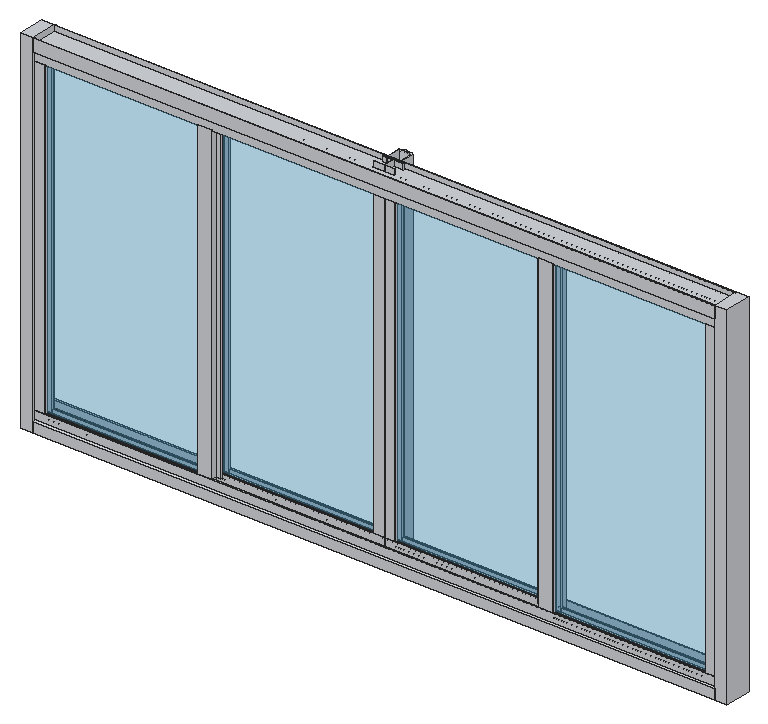
Revit family "MT-VMS_DB-SG_OXXO", category Windows, host Wall, Revit 2017 (continued)
Definition of nested family "VMS_DB-SG_OXXO_76mm"
  Definition of nested family "VMS_DB-SG_GLAZED PANEL"
    Definition of nested family "VM62_DOUBLE GLAZE RAIL"
      Lines and regions (mm)
        detail lines, in view "Ref. Level"
          curve 87: line (5.325, -10.775, 0) -> (5.353, -10.153, 0)
          curve 88: line (5.525, -9.46, 0) -> (5.811, -8.965, 0)
          curve 89: line (5.811, -8.965, 0) -> (5.316, -8.679, 0)
          curve 90: line (4.771, -8.134, 0) -> (4.485, -7.639, 0)
          curve 91: line (4.485, -7.639, 0) -> (3.99, -7.925, 0)
          curve 92: line (3.297, -8.097, 0) -> (2.675, -8.125, 0)
          curve 93: line (2.675, -8.125, 0) -> (2.647, -8.747, 0)
          curve 94: line (1.678, -9.711, 0) -> (0.088, -8.121, 0)
          curve 95: line (0, -7.909, 0) -> (0, 7.909, 0)
          curve 96: line (0.088, 8.121, 0) -> (1.678, 9.711, 0)
          curve 97: line (2.647, 8.747, 0) -> (2.675, 8.125, 0)
          curve 98: line (2.675, 8.125, 0) -> (3.297, 8.097, 0)
          curve 99: line (3.99, 7.925, 0) -> (4.485, 7.639, 0)
          curve 100: line (4.485, 7.639, 0) -> (4.771, 8.134, 0)
          curve 101: line (5.316, 8.679, 0) -> (5.811, 8.965, 0)
          curve 102: line (5.811, 8.965, 0) -> (5.525, 9.46, 0)
          curve 103: line (5.353, 10.153, 0) -> (5.325, 10.775, 0)
          curve 104: line (5.325, 10.775, 0) -> (4.703, 10.803, 0)
          curve 105: line (3.739, 11.772, 0) -> (5.329, 13.362, 0)
          curve 106: line (5.541, 13.45, 0) -> (13.831, 13.45, 0)
    Definition of nested family "VMS_V3_SGL_FINE"
      Reference planes
        plane 1 "Center (Front/Back)": y = 0
        plane 2: z = 0
        plane 3 "Center (Left/Right)": x = 0
      Lines and regions (mm)
        model lines, in view "Ref. Level"
          curve 1: arc (27.114, -24.15, 0) -> (27.68, -23.916, 0) -> (27.914, -23.35, 0) r 0.8
          curve 2: arc (27.914, -20.411, 0) -> (27.839, -20.177, 0) -> (27.641, -20.031, 0) r 0.4
          curve 3: arc (26.677, -19.71, 0) -> (26.497, -19.738, 0) -> (26.414, -19.9, 0) r 0.2
          curve 4: arc (25.177, -19.71, 0) -> (24.997, -19.738, 0) -> (24.914, -19.9, 0) r 0.2
          curve 5: arc (23.677, -19.71, 0) -> (23.497, -19.738, 0) -> (23.414, -19.9, 0) r 0.2
          curve 6: arc (22.177, -19.71, 0) -> (21.997, -19.738, 0) -> (21.914, -19.9, 0) r 0.2
          curve 7: arc (21.914, -20.538, 0) -> (21.971, -20.713, 0) -> (22.119, -20.822, 0) r 0.3
          curve 8: arc (23.009, -21.119, 0) -> (23.157, -21.228, 0) -> (23.214, -21.404, 0) r 0.3
          curve 9: arc (23.214, -22.15, 0) -> (23.126, -22.362, 0) -> (22.914, -22.45, 0) r 0.3
          curve 10: arc (14.214, -22.45, 0) -> (14.002, -22.362, 0) -> (13.914, -22.15, 0) r 0.3
          curve 11: arc (13.914, -14.116, 0) -> (13.884, -13.963, 0) -> (13.797, -13.833, 0) r 0.4
          curve 12: arc (13.797, -13.067, 0) -> (13.884, -12.937, 0) -> (13.914, -12.784, 0) r 0.4
          curve 13: arc (13.914, -2.069, 0) -> (14.079, -1.801, 0) -> (14.392, -1.827, 0) r 0.3
          curve 14: arc (14.392, -1.827, 0) -> (20.069, -3.194, 0) -> (25.644, -1.459, 0) r 10.984
          curve 15: arc (25.644, -1.459, 0) -> (26.154, -1.441, 0) -> (26.414, -1.879, 0) r 0.5
          curve 16: arc (26.414, -5.1, 0) -> (26.326, -5.312, 0) -> (26.114, -5.4, 0) r 0.3
          curve 17: arc (22.119, -6.078, 0) -> (21.971, -6.187, 0) -> (21.914, -6.362, 0) r 0.3
          curve 18: arc (21.914, -7, 0) -> (21.997, -7.162, 0) -> (22.177, -7.19, 0) r 0.2
          curve 19: arc (23.414, -7, 0) -> (23.497, -7.162, 0) -> (23.677, -7.19, 0) r 0.2
          curve 20: arc (24.914, -7, 0) -> (24.997, -7.162, 0) -> (25.177, -7.19, 0) r 0.2
          curve 21: arc (26.414, -7, 0) -> (26.497, -7.162, 0) -> (26.677, -7.19, 0) r 0.2
          curve 22: arc (27.641, -6.869, 0) -> (27.839, -6.723, 0) -> (27.914, -6.489, 0) r 0.4
          curve 23: arc (27.914, -0.8, 0) -> (27.68, -0.234, 0) -> (27.114, 0, 0) r 0.8
          curve 24: arc (25.737, 0, 0) -> (25.642, -0.015, 0) -> (25.558, -0.06, 0) r 0.3
          curve 25: arc (25.558, -0.06, 0) -> (19.709, -2, 0) -> (13.86, -0.06, 0) r 9.784
          curve 26: arc (13.86, -0.06, 0) -> (13.776, -0.015, 0) -> (13.681, 0, 0) r 0.3
          curve 27: arc (0.5, 0, 0) -> (0.146, -0.146, 0) -> (0, -0.5, 0) r 0.5
          curve 28: arc (0, -3, 0) -> (0.088, -3.212, 0) -> (0.3, -3.3, 0) r 0.3
          curve 29: arc (0.9, -3.3, 0) -> (1.112, -3.212, 0) -> (1.2, -3, 0) r 0.3
          curve 30: arc (1.2, -1.5, 0) -> (1.288, -1.288, 0) -> (1.5, -1.2, 0) r 0.3
          curve 31: arc (4.7, -1.2, 0) -> (4.912, -1.288, 0) -> (5, -1.5, 0) r 0.3
          curve 32: arc (5, -10.176, 0) -> (4.912, -10.388, 0) -> (4.7, -10.476, 0) r 0.3
          curve 33: arc (3.6, -10.476, 0) -> (3.388, -10.388, 0) -> (3.3, -10.176, 0) r 0.3
          curve 34: arc (3.3, -9.692, 0) -> (3.212, -9.48, 0) -> (3, -9.392, 0) r 0.3
          curve 35: arc (1.5, -9.392, 0) -> (1.288, -9.304, 0) -> (1.2, -9.092, 0) r 0.3
          curve 36: arc (1.2, -7.692, 0) -> (1.112, -7.48, 0) -> (0.9, -7.392, 0) r 0.3
          curve 37: arc (0.3, -7.392, 0) -> (0.088, -7.48, 0) -> (0, -7.692, 0) r 0.3
          curve 38: arc (0, -11.552, 0) -> (0.4, -11.952, 0) -> (0.8, -11.552, 0) r 0.4
          curve 39: arc (2.1, -11.652, 0) -> (2.188, -11.864, 0) -> (2.4, -11.952, 0) r 0.3
          curve 40: arc (2.4, -14.952, 0) -> (2.188, -15.04, 0) -> (2.1, -15.252, 0) r 0.3
          curve 41: arc (0.8, -15.352, 0) -> (0.4, -14.952, 0) -> (0, -15.352, 0) r 0.4
          curve 42: arc (0, -19.208, 0) -> (0.088, -19.42, 0) -> (0.3, -19.508, 0) r 0.3
          curve 43: arc (0.9, -19.508, 0) -> (1.112, -19.42, 0) -> (1.2, -19.208, 0) r 0.3
          curve 44: arc (1.2, -17.808, 0) -> (1.288, -17.596, 0) -> (1.5, -17.508, 0) r 0.3
          curve 45: arc (3, -17.508, 0) -> (3.212, -17.42, 0) -> (3.3, -17.208, 0) r 0.3
          curve 46: arc (3.3, -16.724, 0) -> (3.388, -16.512, 0) -> (3.6, -16.424, 0) r 0.3
          curve 47: arc (4.7, -16.424, 0) -> (4.912, -16.512, 0) -> (5, -16.724, 0) r 0.3
          curve 48: arc (5, -23.3, 0) -> (4.912, -23.512, 0) -> (4.7, -23.6, 0) r 0.3
          curve 49: arc (0.3, -23.6, 0) -> (0.088, -23.688, 0) -> (0, -23.9, 0) r 0.3
          curve 50: arc (0, -26.4, 0) -> (0.146, -26.754, 0) -> (0.5, -26.9, 0) r 0.5
          curve 51: arc (2.102, -26.9, 0) -> (2.385, -26.783, 0) -> (2.502, -26.5, 0) r 0.4
          curve 52: arc (2.502, -26.5, 0) -> (2.385, -26.217, 0) -> (2.102, -26.1, 0) r 0.4
          curve 53: arc (5.902, -26.1, 0) -> (5.619, -26.217, 0) -> (5.502, -26.5, 0) r 0.4
          curve 54: arc (5.502, -26.5, 0) -> (5.619, -26.783, 0) -> (5.902, -26.9, 0) r 0.4
          curve 55: arc (21, -26.9, 0) -> (21.4, -26.52, 0) -> (21.039, -26.102, 0) r 0.4
          curve 56: arc (14.365, -25.441, 0) -> (14.043, -25.279, 0) -> (13.914, -24.944, 0) r 0.5
          curve 57: arc (13.914, -24.65, 0) -> (14.207, -23.943, 0) -> (14.914, -23.65, 0) r 1
          curve 58: arc (8.4, -25.7, 0) -> (8.259, -25.641, 0) -> (8.2, -25.5, 0) r 0.2
          curve 59: arc (8.2, -23.8, 0) -> (8.141, -23.659, 0) -> (8, -23.6, 0) r 0.2
          curve 60: arc (6.5, -23.6, 0) -> (6.288, -23.512, 0) -> (6.2, -23.3, 0) r 0.3
          curve 61: arc (6.2, -16.639, 0) -> (6.261, -16.458, 0) -> (6.419, -16.35, 0) r 0.3
          curve 62: arc (6.419, -16.35, 0) -> (6.899, -16.169, 0) -> (7.342, -15.909, 0) r 3.014
          curve 63: arc (7.342, -15.909, 0) -> (7.404, -15.838, 0) -> (7.426, -15.746, 0) r 0.2
          curve 64: arc (7.426, -14.908, 0) -> (7.145, -14.479, 0) -> (6.64, -14.566, 0) r 0.468
          curve 65: arc (6.64, -14.566, 0) -> (6.369, -14.767, 0) -> (6.06, -14.904, 0) r 1.525
          curve 66: arc (5.14, -14.904, 0) -> (4.813, -14.756, 0) -> (4.529, -14.535, 0) r 1.525
          curve 67: arc (4.124, -13.835, 0) -> (4.075, -13.45, 0) -> (4.124, -13.065, 0) r 1.525
          curve 68: arc (4.529, -12.365, 0) -> (4.813, -12.144, 0) -> (5.14, -11.996, 0) r 1.525
          curve 69: arc (6.06, -11.996, 0) -> (6.369, -12.133, 0) -> (6.64, -12.334, 0) r 1.525
          curve 70: arc (6.64, -12.334, 0) -> (7.145, -12.421, 0) -> (7.426, -11.992, 0) r 0.468
          curve 71: arc (7.426, -11.154, 0) -> (7.404, -11.062, 0) -> (7.342, -10.991, 0) r 0.2
          curve 72: arc (7.342, -10.991, 0) -> (6.899, -10.731, 0) -> (6.419, -10.55, 0) r 3.014
          curve 73: arc (6.419, -10.55, 0) -> (6.261, -10.442, 0) -> (6.2, -10.261, 0) r 0.3
          curve 74: arc (6.2, -1.5, 0) -> (6.288, -1.288, 0) -> (6.5, -1.2, 0) r 0.3
          curve 75: arc (12.312, -1.2, 0) -> (12.453, -1.259, 0) -> (12.512, -1.4, 0) r 0.2
          curve 76: arc (12.512, -25.5, 0) -> (12.453, -25.641, 0) -> (12.312, -25.7, 0) r 0.2
          curve 77: line (14.914, -23.65, 0) -> (23.214, -23.65, 0)
          curve 78: line (23.214, -23.65, 0) -> (25.029, -24.136, 0)
          curve 79: line (25.029, -24.136, 0) -> (27.114, -24.15, 0)
          curve 80: line (27.914, -23.35, 0) -> (27.914, -20.411, 0)
          curve 81: line (27.641, -20.031, 0) -> (26.677, -19.71, 0)
          curve 82: line (26.414, -19.9, 0) -> (26.414, -20.123, 0)
          curve 83: line (26.414, -20.123, 0) -> (25.177, -19.71, 0)
          curve 84: line (24.914, -19.9, 0) -> (24.914, -20.123, 0)
          curve 85: line (24.914, -20.123, 0) -> (23.677, -19.71, 0)
          curve 86: line (23.414, -19.9, 0) -> (23.414, -20.123, 0)
          curve 87: line (23.414, -20.123, 0) -> (22.177, -19.71, 0)
          curve 88: line (21.914, -19.9, 0) -> (21.914, -20.538, 0)
          curve 89: line (22.119, -20.822, 0) -> (23.009, -21.119, 0)
          curve 90: line (23.214, -21.404, 0) -> (23.214, -22.15, 0)
          curve 91: line (22.914, -22.45, 0) -> (14.214, -22.45, 0)
          curve 92: line (13.914, -22.15, 0) -> (13.914, -14.116, 0)
          curve 93: line (13.797, -13.833, 0) -> (13.414, -13.45, 0)
          curve 94: line (13.414, -13.45, 0) -> (13.797, -13.067, 0)
          curve 95: line (13.914, -12.784, 0) -> (13.914, -2.069, 0)
          curve 96: line (26.414, -1.879, 0) -> (26.414, -5.1, 0)
          curve 97: line (26.114, -5.4, 0) -> (24.2, -5.4, 0)
          curve 98: line (24.2, -5.4, 0) -> (22.119, -6.078, 0)
          curve 99: line (21.914, -6.362, 0) -> (21.914, -7, 0)
          curve 100: line (22.177, -7.19, 0) -> (23.414, -6.777, 0)
          curve 101: line (23.414, -6.777, 0) -> (23.414, -7, 0)
          curve 102: line (23.677, -7.19, 0) -> (24.914, -6.777, 0)
          curve 103: line (24.914, -6.777, 0) -> (24.914, -7, 0)
          curve 104: line (25.177, -7.19, 0) -> (26.414, -6.777, 0)
          curve 105: line (26.414, -6.777, 0) -> (26.414, -7, 0)
          curve 106: line (26.677, -7.19, 0) -> (27.641, -6.869, 0)
          curve 107: line (27.914, -6.489, 0) -> (27.914, -0.8, 0)
          curve 108: line (27.114, 0, 0) -> (25.737, 0, 0)
          curve 109: line (13.681, 0, 0) -> (0.5, 0, 0)
          curve 110: line (0, -0.5, 0) -> (0, -3, 0)
          curve 111: line (0.3, -3.3, 0) -> (0.9, -3.3, 0)
          curve 112: line (1.2, -3, 0) -> (1.2, -1.5, 0)
          curve 113: line (1.5, -1.2, 0) -> (4.7, -1.2, 0)
          curve 114: line (5, -1.5, 0) -> (5, -10.176, 0)
          curve 115: line (4.7, -10.476, 0) -> (3.6, -10.476, 0)
          curve 116: line (3.3, -10.176, 0) -> (3.3, -9.692, 0)
          curve 117: line (3, -9.392, 0) -> (1.5, -9.392, 0)
          curve 118: line (1.2, -9.092, 0) -> (1.2, -7.692, 0)
          curve 119: line (0.9, -7.392, 0) -> (0.3, -7.392, 0)
          curve 120: line (0, -7.692, 0) -> (0, -11.552, 0)
          curve 121: line (0.8, -11.552, 0) -> (0.8, -10.452, 0)
          curve 122: line (0.8, -10.452, 0) -> (2.1, -10.452, 0)
          curve 123: line (2.1, -10.452, 0) -> (2.1, -11.652, 0)
          curve 124: line (2.4, -11.952, 0) -> (2.776, -11.952, 0)
          curve 125: line (2.776, -11.952, 0) -> (2.776, -14.952, 0)
          curve 126: line (2.776, -14.952, 0) -> (2.4, -14.952, 0)
          curve 127: line (2.1, -15.252, 0) -> (2.1, -16.452, 0)
          curve 128: line (2.1, -16.452, 0) -> (0.8, -16.452, 0)
          curve 129: line (0.8, -16.452, 0) -> (0.8, -15.352, 0)
          curve 130: line (0, -15.352, 0) -> (0, -19.208, 0)
          curve 131: line (0.3, -19.508, 0) -> (0.9, -19.508, 0)
          curve 132: line (1.2, -19.208, 0) -> (1.2, -17.808, 0)
          curve 133: line (1.5, -17.508, 0) -> (3, -17.508, 0)
          curve 134: line (3.3, -17.208, 0) -> (3.3, -16.724, 0)
          curve 135: line (3.6, -16.424, 0) -> (4.7, -16.424, 0)
          curve 136: line (5, -16.724, 0) -> (5, -23.3, 0)
          curve 137: line (4.7, -23.6, 0) -> (0.3, -23.6, 0)
          curve 138: line (0, -23.9, 0) -> (0, -26.4, 0)
          curve 139: line (0.5, -26.9, 0) -> (2.102, -26.9, 0)
          curve 140: line (2.102, -26.1, 0) -> (1.002, -26.1, 0)
          curve 141: line (1.002, -26.1, 0) -> (1.002, -24.8, 0)
          curve 142: line (1.002, -24.8, 0) -> (7.002, -24.8, 0)
          curve 143: line (7.002, -24.8, 0) -> (7.002, -26.1, 0)
          curve 144: line (7.002, -26.1, 0) -> (5.902, -26.1, 0)
          curve 145: line (5.902, -26.9, 0) -> (21, -26.9, 0)
          curve 146: line (21.039, -26.102, 0) -> (14.365, -25.441, 0)
          curve 147: line (13.914, -24.944, 0) -> (13.914, -24.65, 0)
          curve 148: line (8.2, -25.5, 0) -> (8.2, -23.8, 0)
          curve 149: line (8, -23.6, 0) -> (6.5, -23.6, 0)
          curve 150: line (6.2, -23.3, 0) -> (6.2, -16.639, 0)
          curve 151: line (7.426, -15.746, 0) -> (7.426, -14.908, 0)
          curve 152: line (6.06, -14.904, 0) -> (5.6, -15.324, 0)
          curve 153: line (5.6, -15.324, 0) -> (5.14, -14.904, 0)
          curve 154: line (4.529, -14.535, 0) -> (3.976, -14.387, 0)
          curve 155: line (3.976, -14.387, 0) -> (4.124, -13.835, 0)
          curve 156: line (4.124, -13.065, 0) -> (3.976, -12.513, 0)
          curve 157: line (3.976, -12.513, 0) -> (4.529, -12.365, 0)
          curve 158: line (5.14, -11.996, 0) -> (5.6, -11.576, 0)
          curve 159: line (5.6, -11.576, 0) -> (6.06, -11.996, 0)
          curve 160: line (7.426, -11.992, 0) -> (7.426, -11.154, 0)
          curve 161: line (6.2, -10.261, 0) -> (6.2, -1.5, 0)
          curve 162: line (6.5, -1.2, 0) -> (12.312, -1.2, 0)
          curve 163: line (12.512, -1.4, 0) -> (12.512, -25.5, 0)
          curve 164: line (12.312, -25.7, 0) -> (8.4, -25.7, 0)
    Definition of nested family "VMS_V3_SGL_MEDIUM"
      Reference planes
        plane 1 "Center (Front/Back)": y = 0
        plane 2: z = 0
        plane 3 "Center (Left/Right)": x = 0
      Lines and regions (mm)
        model lines, in view "Ref. Level"
          curve 1: line (13.914, -23.65, 0) -> (27.914, -23.65, 0)
          curve 2: line (27.914, -23.65, 0) -> (27.914, -22.45, 0)
          curve 3: line (27.914, -22.45, 0) -> (13.914, -22.45, 0)
          curve 4: line (13.914, -22.45, 0) -> (13.914, -1.2, 0)
          curve 5: line (26.414, -1.2, 0) -> (26.414, -5.1, 0)
          curve 6: line (27.914, -6.489, 0) -> (27.914, 0, 0)
          curve 7: line (27.914, 0, 0) -> (0, 0, 0)
          curve 8: line (1.002, -1.2, 0) -> (4.73, -1.2, 0)
          curve 9: line (0, 0, 0) -> (0, -26.9, 0)
          curve 10: line (1.002, -25.7, 0) -> (1.002, -1.2, 0)
          curve 11: line (0, -26.9, 0) -> (21.039, -26.9, 0)
          curve 12: line (21.039, -26.102, 0) -> (13.914, -25.397, 0)
          curve 13: line (13.914, -25.397, 0) -> (13.914, -23.65, 0)
          curve 14: line (13.914, -1.2, 0) -> (26.414, -1.2, 0)
          curve 15: line (12.512, -1.2, 0) -> (12.512, -25.7, 0)
          curve 16: line (12.512, -25.7, 0) -> (6.132, -25.7, 0)
          curve 23: line (6.132, -1.2, 0) -> (12.512, -1.2, 0)
          curve 24: line (4.73, -25.7, 0) -> (1.002, -25.7, 0)
        detail lines, in view "Ref. Level"
          curve 17: line (21.039, -26.102, 0) -> (21.039, -26.9, 0)
          curve 18: line (27.914, -6.489, 0) -> (21.583, -6.489, 0)
          curve 19: line (26.414, -5.1, 0) -> (21.583, -5.1, 0)
          curve 20: line (21.583, -6.489, 0) -> (21.583, -5.1, 0)
          curve 21: line (6.132, -25.7, 0) -> (6.132, -1.2, 0)
          curve 22: line (4.73, -1.2, 0) -> (4.73, -25.7, 0)
    Definition of nested family "VMS_VM64_SILL DETAIL_FINE"
      Reference planes
        plane 1 "Center (Front/Back)": y = 0
        plane 2: z = 0
        plane 3 "Center (Left/Right)": x = 0
      Lines and regions (mm)
        model lines, in view "Ref. Level"
          curve 1: arc (4.124, -13.835, 0) -> (4.075, -13.45, 0) -> (4.124, -13.065, 0) r 1.525
          curve 2: arc (4.529, -12.365, 0) -> (4.813, -12.144, 0) -> (5.14, -11.996, 0) r 1.525
          curve 3: arc (6.06, -11.996, 0) -> (6.369, -12.133, 0) -> (6.64, -12.334, 0) r 1.525
          curve 4: arc (6.64, -12.334, 0) -> (7.145, -12.421, 0) -> (7.426, -11.992, 0) r 0.468
          curve 5: arc (7.426, -11.154, 0) -> (7.404, -11.062, 0) -> (7.342, -10.991, 0) r 0.2
          curve 6: arc (7.342, -10.991, 0) -> (6.899, -10.731, 0) -> (6.419, -10.55, 0) r 3.014
          curve 7: arc (6.419, -10.55, 0) -> (6.261, -10.442, 0) -> (6.2, -10.261, 0) r 0.3
          curve 8: arc (6.2, -1.5, 0) -> (6.288, -1.288, 0) -> (6.5, -1.2, 0) r 0.3
          curve 9: arc (12.312, -1.2, 0) -> (12.453, -1.259, 0) -> (12.512, -1.4, 0) r 0.2
          curve 10: arc (12.512, -25.5, 0) -> (12.453, -25.641, 0) -> (12.312, -25.7, 0) r 0.2
          curve 11: arc (8.4, -25.7, 0) -> (8.259, -25.641, 0) -> (8.2, -25.5, 0) r 0.2
          curve 12: arc (8.2, -23.8, 0) -> (8.141, -23.659, 0) -> (8, -23.6, 0) r 0.2
          curve 13: arc (6.5, -23.6, 0) -> (6.288, -23.512, 0) -> (6.2, -23.3, 0) r 0.3
          curve 14: arc (6.2, -16.639, 0) -> (6.261, -16.458, 0) -> (6.419, -16.35, 0) r 0.3
          curve 15: arc (6.419, -16.35, 0) -> (6.899, -16.169, 0) -> (7.342, -15.909, 0) r 3.014
          curve 16: arc (7.342, -15.909, 0) -> (7.404, -15.838, 0) -> (7.426, -15.746, 0) r 0.2
          curve 17: arc (7.426, -14.908, 0) -> (7.145, -14.479, 0) -> (6.64, -14.566, 0) r 0.468
          curve 18: arc (6.64, -14.566, 0) -> (6.369, -14.767, 0) -> (6.06, -14.904, 0) r 1.525
          curve 19: arc (5.14, -14.904, 0) -> (4.813, -14.756, 0) -> (4.529, -14.535, 0) r 1.525
          curve 20: arc (2.1, -11.652, 0) -> (2.188, -11.864, 0) -> (2.4, -11.952, 0) r 0.3
          curve 21: arc (2.4, -14.952, 0) -> (2.188, -15.04, 0) -> (2.1, -15.252, 0) r 0.3
          curve 22: arc (0.8, -15.352, 0) -> (0.4, -14.952, 0) -> (0, -15.352, 0) r 0.4
          curve 23: arc (0, -19.208, 0) -> (0.088, -19.42, 0) -> (0.3, -19.508, 0) r 0.3
          curve 24: arc (0.9, -19.508, 0) -> (1.112, -19.42, 0) -> (1.2, -19.208, 0) r 0.3
          curve 25: arc (1.2, -17.808, 0) -> (1.288, -17.596, 0) -> (1.5, -17.508, 0) r 0.3
          curve 26: arc (3, -17.508, 0) -> (3.212, -17.42, 0) -> (3.3, -17.208, 0) r 0.3
          curve 27: arc (3.3, -16.724, 0) -> (3.388, -16.512, 0) -> (3.6, -16.424, 0) r 0.3
          curve 28: arc (4.7, -16.424, 0) -> (4.912, -16.512, 0) -> (5, -16.724, 0) r 0.3
          curve 29: arc (5, -23.3, 0) -> (4.912, -23.512, 0) -> (4.7, -23.6, 0) r 0.3
          curve 30: arc (0.3, -23.6, 0) -> (0.088, -23.688, 0) -> (0, -23.9, 0) r 0.3
          curve 31: arc (0, -26.4, 0) -> (0.146, -26.753, 0) -> (0.5, -26.9, 0) r 0.5
          curve 32: arc (2.102, -26.9, 0) -> (2.502, -26.5, 0) -> (2.102, -26.1, 0) r 0.4
          curve 33: arc (5.902, -26.1, 0) -> (5.502, -26.5, 0) -> (5.902, -26.9, 0) r 0.4
          curve 34: arc (19.253, -26.9, 0) -> (19.6, -26.57, 0) -> (19.287, -26.207, 0) r 0.347
          curve 35: arc (16.352, -25.917, 0) -> (16.099, -25.719, 0) -> (16.17, -25.406, 0) r 0.3
          curve 36: arc (16.838, -24.738, 0) -> (16.935, -24.673, 0) -> (17.05, -24.65, 0) r 0.3
          curve 37: arc (27.288, -24.95, 0) -> (27.906, -24.424, 0) -> (27.486, -23.73, 0) r 0.626
          curve 38: arc (26.677, -23.46, 0) -> (26.497, -23.488, 0) -> (26.414, -23.65, 0) r 0.2
          curve 39: arc (25.177, -23.46, 0) -> (24.997, -23.488, 0) -> (24.914, -23.65, 0) r 0.2
          curve 40: arc (23.677, -23.46, 0) -> (23.497, -23.488, 0) -> (23.414, -23.65, 0) r 0.2
          curve 41: arc (16.553, -23.45, 0) -> (16.438, -23.473, 0) -> (16.341, -23.538, 0) r 0.3
          curve 42: arc (14.426, -25.452, 0) -> (14.099, -25.517, 0) -> (13.914, -25.24, 0) r 0.3
          curve 43: arc (13.914, -14.116, 0) -> (13.884, -13.963, 0) -> (13.797, -13.833, 0) r 0.4
          curve 44: arc (13.797, -13.067, 0) -> (13.884, -12.937, 0) -> (13.914, -12.784, 0) r 0.4
          curve 45: arc (13.914, -2.069, 0) -> (14.079, -1.801, 0) -> (14.392, -1.827, 0) r 0.3
          curve 46: arc (14.392, -1.827, 0) -> (18.05, -3.074, 0) -> (21.914, -2.976, 0) r 10.984
          curve 47: arc (21.914, -3.233, 0) -> (22.026, -3.412, 0) -> (22.236, -3.391, 0) r 0.2
          curve 48: arc (23.092, -2.731, 0) -> (23.302, -2.71, 0) -> (23.414, -2.889, 0) r 0.2
          curve 49: arc (23.414, -3.233, 0) -> (23.526, -3.412, 0) -> (23.736, -3.391, 0) r 0.2
          curve 50: arc (24.592, -2.731, 0) -> (24.802, -2.71, 0) -> (24.914, -2.889, 0) r 0.2
          curve 51: arc (24.914, -3.233, 0) -> (25.026, -3.412, 0) -> (25.236, -3.391, 0) r 0.2
          curve 52: arc (26.092, -2.731, 0) -> (26.302, -2.71, 0) -> (26.414, -2.889, 0) r 0.2
          curve 53: arc (26.414, -3.233, 0) -> (26.496, -3.394, 0) -> (26.674, -3.423, 0) r 0.2
          curve 54: arc (27.634, -3.121, 0) -> (27.837, -2.976, 0) -> (27.914, -2.739, 0) r 0.4
          curve 55: arc (27.914, -0.8, 0) -> (27.68, -0.234, 0) -> (27.114, 0, 0) r 0.8
          curve 56: arc (25.737, 0, 0) -> (25.642, -0.015, 0) -> (25.558, -0.06, 0) r 0.3
          curve 57: arc (25.558, -0.06, 0) -> (19.709, -2, 0) -> (13.86, -0.06, 0) r 9.784
          curve 58: arc (13.86, -0.06, 0) -> (13.776, -0.015, 0) -> (13.681, 0, 0) r 0.3
          curve 59: arc (0.5, 0, 0) -> (0.146, -0.146, 0) -> (0, -0.5, 0) r 0.5
          curve 60: arc (0, -3, 0) -> (0.088, -3.212, 0) -> (0.3, -3.3, 0) r 0.3
          curve 61: arc (0.9, -3.3, 0) -> (1.112, -3.212, 0) -> (1.2, -3, 0) r 0.3
          curve 62: arc (1.2, -1.5, 0) -> (1.288, -1.288, 0) -> (1.5, -1.2, 0) r 0.3
          curve 63: arc (4.7, -1.2, 0) -> (4.912, -1.288, 0) -> (5, -1.5, 0) r 0.3
          curve 64: arc (5, -10.176, 0) -> (4.912, -10.388, 0) -> (4.7, -10.476, 0) r 0.3
          curve 65: arc (3.6, -10.476, 0) -> (3.388, -10.388, 0) -> (3.3, -10.176, 0) r 0.3
          curve 66: arc (3.3, -9.692, 0) -> (3.212, -9.48, 0) -> (3, -9.392, 0) r 0.3
          curve 67: arc (1.5, -9.392, 0) -> (1.288, -9.304, 0) -> (1.2, -9.092, 0) r 0.3
          curve 68: arc (1.2, -7.692, 0) -> (1.112, -7.48, 0) -> (0.9, -7.392, 0) r 0.3
          curve 69: arc (0.3, -7.392, 0) -> (0.088, -7.48, 0) -> (0, -7.692, 0) r 0.3
          curve 70: arc (0, -11.552, 0) -> (0.4, -11.952, 0) -> (0.8, -11.552, 0) r 0.4
          curve 71: line (4.529, -14.535, 0) -> (3.976, -14.387, 0)
          curve 72: line (3.976, -14.387, 0) -> (4.124, -13.835, 0)
          curve 73: line (4.124, -13.065, 0) -> (3.976, -12.513, 0)
          curve 74: line (3.976, -12.513, 0) -> (4.529, -12.365, 0)
          curve 75: line (5.14, -11.996, 0) -> (5.6, -11.576, 0)
          curve 76: line (5.6, -11.576, 0) -> (6.06, -11.996, 0)
          curve 77: line (7.426, -11.992, 0) -> (7.426, -11.154, 0)
          curve 78: line (6.2, -10.261, 0) -> (6.2, -1.5, 0)
          curve 79: line (6.5, -1.2, 0) -> (12.312, -1.2, 0)
          curve 80: line (12.512, -1.4, 0) -> (12.512, -25.5, 0)
          curve 81: line (12.312, -25.7, 0) -> (8.4, -25.7, 0)
          curve 82: line (8.2, -25.5, 0) -> (8.2, -23.8, 0)
          curve 83: line (8, -23.6, 0) -> (6.5, -23.6, 0)
          curve 84: line (6.2, -23.3, 0) -> (6.2, -16.639, 0)
          curve 85: line (7.426, -15.746, 0) -> (7.426, -14.908, 0)
          curve 86: line (6.06, -14.904, 0) -> (5.6, -15.324, 0)
          curve 87: line (5.6, -15.324, 0) -> (5.14, -14.904, 0)
          curve 88: line (2.4, -11.952, 0) -> (2.776, -11.952, 0)
          curve 89: line (2.776, -11.952, 0) -> (2.776, -14.952, 0)
          curve 90: line (2.776, -14.952, 0) -> (2.4, -14.952, 0)
          curve 91: line (2.1, -15.252, 0) -> (2.1, -16.452, 0)
          curve 92: line (2.1, -16.452, 0) -> (0.8, -16.452, 0)
          curve 93: line (0.8, -16.452, 0) -> (0.8, -15.352, 0)
          curve 94: line (0, -15.352, 0) -> (0, -19.208, 0)
          curve 95: line (0.3, -19.508, 0) -> (0.9, -19.508, 0)
          curve 96: line (1.2, -19.208, 0) -> (1.2, -17.808, 0)
          curve 97: line (1.5, -17.508, 0) -> (3, -17.508, 0)
          curve 98: line (3.3, -17.208, 0) -> (3.3, -16.724, 0)
          curve 99: line (3.6, -16.424, 0) -> (4.7, -16.424, 0)
          curve 100: line (5, -16.724, 0) -> (5, -23.3, 0)
          curve 101: line (4.7, -23.6, 0) -> (0.3, -23.6, 0)
          curve 102: line (0, -23.9, 0) -> (0, -26.4, 0)
          curve 103: line (0.5, -26.9, 0) -> (2.102, -26.9, 0)
          curve 104: line (2.102, -26.1, 0) -> (1.202, -26.1, 0)
          curve 105: line (1.202, -26.1, 0) -> (1.202, -24.8, 0)
          curve 106: line (1.202, -24.8, 0) -> (6.802, -24.8, 0)
          curve 107: line (6.802, -24.8, 0) -> (6.802, -26.1, 0)
          curve 108: line (6.802, -26.1, 0) -> (5.902, -26.1, 0)
          curve 109: line (5.902, -26.9, 0) -> (19.253, -26.9, 0)
          curve 110: line (19.287, -26.207, 0) -> (16.352, -25.917, 0)
          curve 111: line (16.17, -25.406, 0) -> (16.838, -24.738, 0)
          curve 112: line (17.05, -24.65, 0) -> (22.146, -24.65, 0)
          curve 113: line (22.146, -24.65, 0) -> (23.924, -24.95, 0)
          curve 114: line (23.924, -24.95, 0) -> (27.288, -24.95, 0)
          curve 115: line (27.486, -23.73, 0) -> (26.677, -23.46, 0)
          curve 116: line (26.414, -23.65, 0) -> (26.414, -23.872, 0)
          curve 117: line (26.414, -23.872, 0) -> (25.177, -23.46, 0)
          curve 118: line (24.914, -23.65, 0) -> (24.914, -23.872, 0)
          curve 119: line (24.914, -23.872, 0) -> (23.677, -23.46, 0)
          curve 120: line (23.414, -23.761, 0) -> (22.146, -23.45, 0)
          curve 121: line (22.146, -23.45, 0) -> (16.553, -23.45, 0)
          curve 122: line (16.341, -23.538, 0) -> (14.426, -25.452, 0)
          curve 123: line (13.914, -25.24, 0) -> (13.914, -14.116, 0)
          curve 124: line (13.797, -13.833, 0) -> (13.414, -13.45, 0)
          curve 125: line (13.414, -13.45, 0) -> (13.797, -13.067, 0)
          curve 126: line (13.914, -12.784, 0) -> (13.914, -2.069, 0)
          curve 127: line (21.914, -2.976, 0) -> (21.914, -3.233, 0)
          curve 128: line (22.236, -3.391, 0) -> (23.092, -2.731, 0)
          curve 129: line (23.414, -2.889, 0) -> (23.414, -3.233, 0)
          curve 130: line (23.736, -3.391, 0) -> (24.592, -2.731, 0)
          curve 131: line (24.914, -2.889, 0) -> (24.914, -3.233, 0)
          curve 132: line (25.236, -3.391, 0) -> (26.092, -2.731, 0)
          curve 133: line (26.414, -2.889, 0) -> (26.414, -3.233, 0)
          curve 134: line (26.674, -3.423, 0) -> (27.634, -3.121, 0)
          curve 135: line (27.914, -2.739, 0) -> (27.914, -0.8, 0)
          curve 136: line (27.114, 0, 0) -> (25.737, 0, 0)
          curve 137: line (13.681, 0, 0) -> (0.5, 0, 0)
          curve 138: line (0, -0.5, 0) -> (0, -3, 0)
          curve 139: line (0.3, -3.3, 0) -> (0.9, -3.3, 0)
          curve 140: line (1.2, -3, 0) -> (1.2, -1.5, 0)
          curve 141: line (1.5, -1.2, 0) -> (4.7, -1.2, 0)
          curve 142: line (5, -1.5, 0) -> (5, -10.176, 0)
          curve 143: line (4.7, -10.476, 0) -> (3.6, -10.476, 0)
          curve 144: line (3.3, -10.176, 0) -> (3.3, -9.692, 0)
          curve 145: line (3, -9.392, 0) -> (1.5, -9.392, 0)
          curve 146: line (1.2, -9.092, 0) -> (1.2, -7.692, 0)
          curve 147: line (0.9, -7.392, 0) -> (0.3, -7.392, 0)
          curve 148: line (0, -7.692, 0) -> (0, -11.552, 0)
          curve 149: line (0.8, -11.552, 0) -> (0.8, -10.452, 0)
          curve 150: line (0.8, -10.452, 0) -> (2.1, -10.452, 0)
          curve 151: line (2.1, -10.452, 0) -> (2.1, -11.652, 0)
    Definition of nested family "VMS_VM64_SILL DETAIL_MEDIUM"
      Reference planes
        plane 1 "Center (Front/Back)": y = 0
        plane 2: z = 0
        plane 3 "Center (Left/Right)": x = 0
      Lines and regions (mm)
        model lines, in view "Ref. Level"
          curve 1: line (1.202, -1.2, 0) -> (5, -1.2, 0)
          curve 2: line (12.512, -1.2, 0) -> (12.512, -25.7, 0)
          curve 3: line (12.512, -25.7, 0) -> (6.2, -25.7, 0)
          curve 4: line (6.2, -25.7, 0) -> (6.2, -1.2, 0)
          curve 5: line (5, -1.2, 0) -> (5, -25.7, 0)
          curve 6: line (0, 0, 0) -> (0, -26.9, 0)
          curve 7: line (1.202, -25.7, 0) -> (1.202, -1.2, 0)
          curve 8: line (0, -26.9, 0) -> (19.287, -26.9, 0)
          curve 9: line (19.287, -26.207, 0) -> (15.721, -25.854, 0)
          curve 10: line (15.721, -25.854, 0) -> (16.926, -24.65, 0)
          curve 11: line (16.926, -24.65, 0) -> (27.914, -24.65, 0)
          curve 12: line (27.914, -23.45, 0) -> (16.429, -23.45, 0)
          curve 13: line (16.429, -23.45, 0) -> (13.914, -25.965, 0)
          curve 14: line (13.914, -25.965, 0) -> (13.914, -1.2, 0)
          curve 15: line (27.914, -24.65, 0) -> (27.914, -23.45, 0)
          curve 16: line (27.914, 0, 0) -> (0, 0, 0)
          curve 18: line (6.2, -1.2, 0) -> (12.512, -1.2, 0)
          curve 19: line (5, -25.7, 0) -> (1.202, -25.7, 0)
          curve 20: line (27.914, -1.2, 0) -> (27.914, 0, 0)
          curve 21: line (13.914, -1.2, 0) -> (27.914, -1.2, 0)
        detail lines, in view "Ref. Level"
          curve 17: line (19.287, -26.207, 0) -> (19.287, -26.9, 0)
    Definition of nested family "VMS_VM5_SILL DETAIL_FINE"
      Reference planes
        plane 1 "Center (Front/Back)": y = 0
        plane 2: z = 0
        plane 3 "Center (Left/Right)": x = 0
      Lines and regions (mm)
        model lines, in view "Ref. Level"
          curve 1: arc (26.9, 5.9, 0) -> (26.783, 5.617, 0) -> (26.5, 5.5, 0) r 0.4
          curve 2: arc (26.5, 5.5, 0) -> (26.217, 5.617, 0) -> (26.1, 5.9, 0) r 0.4
          curve 3: arc (26.1, 2.1, 0) -> (26.217, 2.383, 0) -> (26.5, 2.5, 0) r 0.4
          curve 4: arc (26.5, 2.5, 0) -> (26.783, 2.383, 0) -> (26.9, 2.1, 0) r 0.4
          curve 5: arc (26.9, 0.5, 0) -> (26.754, 0.146, 0) -> (26.4, 0, 0) r 0.5
          curve 6: arc (23.9, 0, 0) -> (23.688, 0.088, 0) -> (23.6, 0.3, 0) r 0.3
          curve 7: arc (23.6, 4.7, 0) -> (23.512, 4.912, 0) -> (23.3, 5, 0) r 0.3
          curve 8: arc (16.724, 5, 0) -> (16.512, 4.912, 0) -> (16.424, 4.7, 0) r 0.3
          curve 9: arc (16.424, 3.6, 0) -> (16.512, 3.388, 0) -> (16.724, 3.3, 0) r 0.3
          curve 10: arc (17.208, 3.3, 0) -> (17.42, 3.212, 0) -> (17.508, 3, 0) r 0.3
          curve 11: arc (17.508, 1.5, 0) -> (17.596, 1.288, 0) -> (17.808, 1.2, 0) r 0.3
          curve 12: arc (19.208, 1.2, 0) -> (19.42, 1.112, 0) -> (19.508, 0.9, 0) r 0.3
          curve 13: arc (19.508, 0.3, 0) -> (19.42, 0.088, 0) -> (19.208, 0, 0) r 0.3
          curve 14: arc (15.348, 0, 0) -> (14.948, 0.4, 0) -> (15.348, 0.8, 0) r 0.4
          curve 15: arc (15.248, 2.1, 0) -> (15.036, 2.188, 0) -> (14.948, 2.4, 0) r 0.3
          curve 16: arc (11.948, 2.4, 0) -> (11.86, 2.188, 0) -> (11.648, 2.1, 0) r 0.3
          curve 17: arc (11.548, 0.8, 0) -> (11.948, 0.4, 0) -> (11.548, 0, 0) r 0.4
          curve 18: arc (7.692, 0, 0) -> (7.48, 0.088, 0) -> (7.392, 0.3, 0) r 0.3
          curve 19: arc (7.392, 0.9, 0) -> (7.48, 1.112, 0) -> (7.692, 1.2, 0) r 0.3
          curve 20: arc (9.092, 1.2, 0) -> (9.304, 1.288, 0) -> (9.392, 1.5, 0) r 0.3
          curve 21: arc (9.392, 3, 0) -> (9.48, 3.212, 0) -> (9.692, 3.3, 0) r 0.3
          curve 22: arc (10.176, 3.3, 0) -> (10.388, 3.388, 0) -> (10.476, 3.6, 0) r 0.3
          curve 23: arc (10.476, 4.7, 0) -> (10.388, 4.912, 0) -> (10.176, 5, 0) r 0.3
          curve 24: arc (3.6, 5, 0) -> (3.388, 4.912, 0) -> (3.3, 4.7, 0) r 0.3
          curve 25: arc (3.3, 0.3, 0) -> (3.212, 0.088, 0) -> (3, 0, 0) r 0.3
          curve 26: arc (0.5, 0, 0) -> (0.146, 0.146, 0) -> (0, 0.5, 0) r 0.5
          curve 27: arc (0, 2.1, 0) -> (0.117, 2.383, 0) -> (0.4, 2.5, 0) r 0.4
          curve 28: arc (0.4, 2.5, 0) -> (0.683, 2.383, 0) -> (0.8, 2.1, 0) r 0.4
          curve 29: arc (0.8, 5.9, 0) -> (0.683, 5.617, 0) -> (0.4, 5.5, 0) r 0.4
          curve 30: arc (0.4, 5.5, 0) -> (0.117, 5.617, 0) -> (0, 5.9, 0) r 0.4
          curve 31: arc (0, 13.679, 0) -> (0.015, 13.774, 0) -> (0.06, 13.858, 0) r 0.3
          curve 32: arc (0.06, 13.858, 0) -> (2, 19.707, 0) -> (0.06, 25.556, 0) r 9.784
          curve 33: arc (0.06, 25.556, 0) -> (0.015, 25.64, 0) -> (0, 25.735, 0) r 0.3
          curve 34: arc (0, 27.112, 0) -> (0.234, 27.678, 0) -> (0.8, 27.912, 0) r 0.8
          curve 35: arc (6.489, 27.912, 0) -> (6.723, 27.837, 0) -> (6.869, 27.639, 0) r 0.4
          curve 36: arc (7.19, 26.675, 0) -> (7.162, 26.495, 0) -> (7, 26.412, 0) r 0.2
          curve 37: arc (7.19, 25.175, 0) -> (7.162, 24.995, 0) -> (7, 24.912, 0) r 0.2
          curve 38: arc (7.19, 23.675, 0) -> (7.162, 23.495, 0) -> (7, 23.412, 0) r 0.2
          curve 39: arc (7.19, 22.175, 0) -> (7.162, 21.995, 0) -> (7, 21.912, 0) r 0.2
          curve 40: arc (6.362, 21.912, 0) -> (6.187, 21.969, 0) -> (6.078, 22.117, 0) r 0.3
          curve 41: arc (5.4, 26.112, 0) -> (5.312, 26.324, 0) -> (5.1, 26.412, 0) r 0.3
          curve 42: arc (1.879, 26.412, 0) -> (1.441, 26.152, 0) -> (1.459, 25.642, 0) r 0.5
          curve 43: arc (1.459, 25.642, 0) -> (3.194, 20.067, 0) -> (1.827, 14.39, 0) r 10.984
          curve 44: arc (1.827, 14.39, 0) -> (1.801, 14.077, 0) -> (2.069, 13.912, 0) r 0.3
          curve 45: arc (12.784, 13.912, 0) -> (12.937, 13.882, 0) -> (13.067, 13.795, 0) r 0.4
          curve 46: arc (13.833, 13.795, 0) -> (13.963, 13.882, 0) -> (14.116, 13.912, 0) r 0.4
          curve 47: arc (24.831, 13.912, 0) -> (25.099, 14.077, 0) -> (25.073, 14.39, 0) r 0.3
          curve 48: arc (25.073, 14.39, 0) -> (23.706, 20.067, 0) -> (25.441, 25.642, 0) r 10.984
          curve 49: arc (25.441, 25.642, 0) -> (25.459, 26.152, 0) -> (25.021, 26.412, 0) r 0.5
          curve 50: arc (21.8, 26.412, 0) -> (21.588, 26.324, 0) -> (21.5, 26.112, 0) r 0.3
          curve 51: arc (20.822, 22.117, 0) -> (20.713, 21.969, 0) -> (20.538, 21.912, 0) r 0.3
          curve 52: arc (19.9, 21.912, 0) -> (19.738, 21.995, 0) -> (19.71, 22.175, 0) r 0.2
          curve 53: arc (19.9, 23.412, 0) -> (19.738, 23.495, 0) -> (19.71, 23.675, 0) r 0.2
          curve 54: arc (19.9, 24.912, 0) -> (19.738, 24.995, 0) -> (19.71, 25.175, 0) r 0.2
          curve 55: arc (19.9, 26.412, 0) -> (19.738, 26.495, 0) -> (19.71, 26.675, 0) r 0.2
          curve 56: arc (20.031, 27.639, 0) -> (20.177, 27.837, 0) -> (20.411, 27.912, 0) r 0.4
          curve 57: arc (26.1, 27.912, 0) -> (26.666, 27.678, 0) -> (26.9, 27.112, 0) r 0.8
          curve 58: arc (26.9, 25.735, 0) -> (26.885, 25.64, 0) -> (26.84, 25.556, 0) r 0.3
          curve 59: arc (26.84, 25.556, 0) -> (24.9, 19.707, 0) -> (26.84, 13.858, 0) r 9.784
          curve 60: arc (26.84, 13.858, 0) -> (26.885, 13.774, 0) -> (26.9, 13.679, 0) r 0.3
          curve 61: arc (10.55, 6.419, 0) -> (10.731, 6.899, 0) -> (10.991, 7.342, 0) r 3.014
          curve 62: arc (10.991, 7.342, 0) -> (11.062, 7.404, 0) -> (11.154, 7.426, 0) r 0.2
          curve 63: arc (11.992, 7.426, 0) -> (12.421, 7.145, 0) -> (12.334, 6.64, 0) r 0.468
          curve 64: arc (12.334, 6.64, 0) -> (12.133, 6.369, 0) -> (11.996, 6.06, 0) r 1.525
          curve 65: arc (11.996, 5.14, 0) -> (12.144, 4.813, 0) -> (12.365, 4.529, 0) r 1.525
          curve 66: arc (13.065, 4.124, 0) -> (13.45, 4.075, 0) -> (13.835, 4.124, 0) r 1.525
          curve 67: arc (14.535, 4.529, 0) -> (14.756, 4.813, 0) -> (14.904, 5.14, 0) r 1.525
          curve 68: arc (14.904, 6.06, 0) -> (14.767, 6.369, 0) -> (14.566, 6.64, 0) r 1.525
          curve 69: arc (14.566, 6.64, 0) -> (14.479, 7.145, 0) -> (14.908, 7.426, 0) r 0.468
          curve 70: arc (15.746, 7.426, 0) -> (15.838, 7.404, 0) -> (15.909, 7.342, 0) r 0.2
          curve 71: arc (15.909, 7.342, 0) -> (16.169, 6.899, 0) -> (16.35, 6.419, 0) r 3.014
          curve 72: arc (16.35, 6.419, 0) -> (16.458, 6.261, 0) -> (16.639, 6.2, 0) r 0.3
          curve 73: arc (23.3, 6.2, 0) -> (23.512, 6.288, 0) -> (23.6, 6.5, 0) r 0.3
          curve 74: arc (23.6, 8, 0) -> (23.659, 8.141, 0) -> (23.8, 8.2, 0) r 0.2
          curve 75: arc (25.5, 8.2, 0) -> (25.641, 8.259, 0) -> (25.7, 8.4, 0) r 0.2
          curve 76: arc (25.7, 12.312, 0) -> (25.641, 12.453, 0) -> (25.5, 12.512, 0) r 0.2
          curve 77: arc (1.4, 12.512, 0) -> (1.259, 12.453, 0) -> (1.2, 12.312, 0) r 0.2
          curve 78: arc (1.2, 8.4, 0) -> (1.259, 8.259, 0) -> (1.4, 8.2, 0) r 0.2
          curve 79: arc (3.1, 8.2, 0) -> (3.241, 8.141, 0) -> (3.3, 8, 0) r 0.2
          curve 80: arc (3.3, 6.5, 0) -> (3.388, 6.288, 0) -> (3.6, 6.2, 0) r 0.3
          curve 81: line (26.1, 5.9, 0) -> (26.1, 7, 0)
          curve 82: line (26.1, 7, 0) -> (24.8, 7, 0)
          curve 83: line (24.8, 7, 0) -> (24.8, 1, 0)
          curve 84: line (24.8, 1, 0) -> (26.1, 1, 0)
          curve 85: line (26.1, 1, 0) -> (26.1, 2.1, 0)
          curve 86: line (26.9, 2.1, 0) -> (26.9, 0.5, 0)
          curve 87: line (26.4, 0, 0) -> (23.9, 0, 0)
          curve 88: line (23.6, 0.3, 0) -> (23.6, 4.7, 0)
          curve 89: line (23.3, 5, 0) -> (16.724, 5, 0)
          curve 90: line (16.424, 4.7, 0) -> (16.424, 3.6, 0)
          curve 91: line (16.724, 3.3, 0) -> (17.208, 3.3, 0)
          curve 92: line (17.508, 3, 0) -> (17.508, 1.5, 0)
          curve 93: line (17.808, 1.2, 0) -> (19.208, 1.2, 0)
          curve 94: line (19.508, 0.9, 0) -> (19.508, 0.3, 0)
          curve 95: line (19.208, 0, 0) -> (15.348, 0, 0)
          curve 96: line (15.348, 0.8, 0) -> (16.448, 0.8, 0)
          curve 97: line (16.448, 0.8, 0) -> (16.448, 2.1, 0)
          curve 98: line (16.448, 2.1, 0) -> (15.248, 2.1, 0)
          curve 99: line (14.948, 2.4, 0) -> (14.948, 2.776, 0)
          curve 100: line (14.948, 2.776, 0) -> (11.948, 2.776, 0)
          curve 101: line (11.948, 2.776, 0) -> (11.948, 2.4, 0)
          curve 102: line (11.648, 2.1, 0) -> (10.448, 2.1, 0)
          curve 103: line (10.448, 2.1, 0) -> (10.448, 0.8, 0)
          curve 104: line (10.448, 0.8, 0) -> (11.548, 0.8, 0)
          curve 105: line (11.548, 0, 0) -> (7.692, 0, 0)
          curve 106: line (7.392, 0.3, 0) -> (7.392, 0.9, 0)
          curve 107: line (7.692, 1.2, 0) -> (9.092, 1.2, 0)
          curve 108: line (9.392, 1.5, 0) -> (9.392, 3, 0)
          curve 109: line (9.692, 3.3, 0) -> (10.176, 3.3, 0)
          curve 110: line (10.476, 3.6, 0) -> (10.476, 4.7, 0)
          curve 111: line (10.176, 5, 0) -> (3.6, 5, 0)
          curve 112: line (3.3, 4.7, 0) -> (3.3, 0.3, 0)
          curve 113: line (3, 0, 0) -> (0.5, 0, 0)
          curve 114: line (0, 0.5, 0) -> (0, 2.1, 0)
          curve 115: line (0.8, 2.1, 0) -> (0.8, 1, 0)
          curve 116: line (0.8, 1, 0) -> (2.1, 1, 0)
          curve 117: line (2.1, 1, 0) -> (2.1, 7, 0)
          curve 118: line (2.1, 7, 0) -> (0.8, 7, 0)
          curve 119: line (0.8, 7, 0) -> (0.8, 5.9, 0)
          curve 120: line (0, 5.9, 0) -> (0, 13.679, 0)
          curve 121: line (0, 25.735, 0) -> (0, 27.112, 0)
          curve 122: line (0.8, 27.912, 0) -> (6.489, 27.912, 0)
          curve 123: line (6.869, 27.639, 0) -> (7.19, 26.675, 0)
          curve 124: line (7, 26.412, 0) -> (6.777, 26.412, 0)
          curve 125: line (6.777, 26.412, 0) -> (7.19, 25.175, 0)
          curve 126: line (7, 24.912, 0) -> (6.777, 24.912, 0)
          curve 127: line (6.777, 24.912, 0) -> (7.19, 23.675, 0)
          curve 128: line (7, 23.412, 0) -> (6.777, 23.412, 0)
          curve 129: line (6.777, 23.412, 0) -> (7.19, 22.175, 0)
          curve 130: line (7, 21.912, 0) -> (6.362, 21.912, 0)
          curve 131: line (6.078, 22.117, 0) -> (5.415, 24.104, 0)
          curve 132: line (5.415, 24.104, 0) -> (5.4, 26.112, 0)
          curve 133: line (5.1, 26.412, 0) -> (1.879, 26.412, 0)
          curve 134: line (2.069, 13.912, 0) -> (12.784, 13.912, 0)
          curve 135: line (13.067, 13.795, 0) -> (13.45, 13.412, 0)
          curve 136: line (13.45, 13.412, 0) -> (13.833, 13.795, 0)
          curve 137: line (14.116, 13.912, 0) -> (24.831, 13.912, 0)
          curve 138: line (25.021, 26.412, 0) -> (21.8, 26.412, 0)
          curve 139: line (21.5, 26.112, 0) -> (21.5, 24.198, 0)
          curve 140: line (21.5, 24.198, 0) -> (20.822, 22.117, 0)
          curve 141: line (20.538, 21.912, 0) -> (19.9, 21.912, 0)
          curve 142: line (19.71, 22.175, 0) -> (20.123, 23.412, 0)
          curve 143: line (20.123, 23.412, 0) -> (19.9, 23.412, 0)
          curve 144: line (19.71, 23.675, 0) -> (20.123, 24.912, 0)
          curve 145: line (20.123, 24.912, 0) -> (19.9, 24.912, 0)
          curve 146: line (19.71, 25.175, 0) -> (20.123, 26.412, 0)
          curve 147: line (20.123, 26.412, 0) -> (19.9, 26.412, 0)
          curve 148: line (19.71, 26.675, 0) -> (20.031, 27.639, 0)
          curve 149: line (20.411, 27.912, 0) -> (26.1, 27.912, 0)
          curve 150: line (26.9, 27.112, 0) -> (26.9, 25.735, 0)
          curve 151: line (26.9, 13.679, 0) -> (26.9, 5.9, 0)
          curve 152: line (11.154, 7.426, 0) -> (11.992, 7.426, 0)
          curve 153: line (11.996, 6.06, 0) -> (11.576, 5.6, 0)
          curve 154: line (11.576, 5.6, 0) -> (11.996, 5.14, 0)
          curve 155: line (12.365, 4.529, 0) -> (12.513, 3.976, 0)
          curve 156: line (12.513, 3.976, 0) -> (13.065, 4.124, 0)
          curve 157: line (13.835, 4.124, 0) -> (14.387, 3.976, 0)
          curve 158: line (14.387, 3.976, 0) -> (14.535, 4.529, 0)
          curve 159: line (14.904, 5.14, 0) -> (15.324, 5.6, 0)
          curve 160: line (15.324, 5.6, 0) -> (14.904, 6.06, 0)
          curve 161: line (14.908, 7.426, 0) -> (15.746, 7.426, 0)
          curve 162: line (16.639, 6.2, 0) -> (23.3, 6.2, 0)
          curve 163: line (23.6, 6.5, 0) -> (23.6, 8, 0)
          curve 164: line (23.8, 8.2, 0) -> (25.5, 8.2, 0)
          curve 165: line (25.7, 8.4, 0) -> (25.7, 12.312, 0)
          curve 166: line (25.5, 12.512, 0) -> (1.4, 12.512, 0)
          curve 167: line (1.2, 12.312, 0) -> (1.2, 8.4, 0)
          curve 168: line (1.4, 8.2, 0) -> (3.1, 8.2, 0)
          curve 169: line (3.3, 8, 0) -> (3.3, 6.5, 0)
          curve 170: line (3.6, 6.2, 0) -> (10.261, 6.2, 0)
          curve 171: arc (10.261, 6.2, 0) -> (10.442, 6.261, 0) -> (10.55, 6.419, 0) r 0.3
    Definition of nested family "VMS_VM5_SILL DETAIL_MEDIUM"
      Reference planes
        plane 1 "Center (Front/Back)": y = 0
        plane 2: z = 0
        plane 3 "Center (Left/Right)": x = 0
      Lines and regions (mm)
        model lines, in view "Ref. Level"
          curve 1: line (1.2, 1, 0) -> (25.7, 1, 0)
          curve 2: line (26.9, 0, 0) -> (0, 0, 0)
          curve 3: line (25.7, 5, 0) -> (1.2, 5, 0)
          curve 4: line (0, 0, 0) -> (0, 27.912, 0)
          curve 5: line (0, 27.912, 0) -> (6.489, 27.912, 0)
          curve 6: line (6.489, 21.912, 0) -> (5.432, 21.912, 0)
          curve 7: line (5.432, 21.912, 0) -> (5.398, 26.412, 0)
          curve 8: line (5.398, 26.412, 0) -> (1.2, 26.412, 0)
          curve 9: line (1.2, 13.912, 0) -> (25.7, 13.912, 0)
          curve 10: line (25.7, 26.412, 0) -> (21.5, 26.412, 0)
          curve 11: line (21.5, 26.412, 0) -> (21.5, 21.912, 0)
          curve 12: line (21.5, 21.912, 0) -> (20.411, 21.912, 0)
          curve 13: line (20.411, 27.912, 0) -> (26.9, 27.912, 0)
          curve 14: line (26.9, 27.912, 0) -> (26.9, 0, 0)
          curve 15: line (1.2, 6.2, 0) -> (25.7, 6.2, 0)
          curve 16: line (25.7, 1, 0) -> (25.7, 5, 0)
          curve 17: line (25.7, 12.512, 0) -> (1.2, 12.512, 0)
          curve 18: line (1.2, 26.412, 0) -> (1.2, 13.912, 0)
          curve 19: line (1.2, 5, 0) -> (1.2, 1, 0)
          curve 20: line (25.7, 13.912, 0) -> (25.7, 26.412, 0)
          curve 21: line (1.2, 12.512, 0) -> (1.2, 6.2, 0)
          curve 22: line (25.7, 6.2, 0) -> (25.7, 12.512, 0)
        detail lines, in view "Ref. Level"
          curve 23: line (6.489, 27.912, 0) -> (6.489, 21.912, 0)
          curve 24: line (20.411, 27.912, 0) -> (20.411, 21.912, 0)
    Definition of nested family "VMS_VM66_SILL DETAIL_FINE"
      Reference planes
        plane 1 "Center (Front/Back)": y = 0
        plane 2: z = 0
        plane 3 "Center (Left/Right)": x = 0
      Lines and regions (mm)
        model lines, in view "Ref. Level"
          curve 1: arc (11.648, 2.1, 0) -> (11.86, 2.188, 0) -> (11.948, 2.4, 0) r 0.3
          curve 2: arc (14.948, 2.4, 0) -> (15.036, 2.188, 0) -> (15.248, 2.1, 0) r 0.3
          curve 3: arc (15.348, 0.8, 0) -> (14.948, 0.4, 0) -> (15.348, 0, 0) r 0.4
          curve 4: arc (19.208, 0, 0) -> (19.42, 0.088, 0) -> (19.508, 0.3, 0) r 0.3
          curve 5: arc (19.508, 0.9, 0) -> (19.42, 1.112, 0) -> (19.208, 1.2, 0) r 0.3
          curve 6: arc (17.808, 1.2, 0) -> (17.596, 1.288, 0) -> (17.508, 1.5, 0) r 0.3
          curve 7: arc (17.508, 3, 0) -> (17.42, 3.212, 0) -> (17.208, 3.3, 0) r 0.3
          curve 8: arc (16.724, 3.3, 0) -> (16.512, 3.388, 0) -> (16.424, 3.6, 0) r 0.3
          curve 9: arc (16.424, 4.7, 0) -> (16.512, 4.912, 0) -> (16.724, 5, 0) r 0.3
          curve 10: arc (23.3, 5, 0) -> (23.512, 4.912, 0) -> (23.6, 4.7, 0) r 0.3
          curve 11: arc (23.6, 0.3, 0) -> (23.688, 0.088, 0) -> (23.9, 0, 0) r 0.3
          curve 12: arc (26.4, 0, 0) -> (26.753, 0.146, 0) -> (26.9, 0.5, 0) r 0.5
          curve 13: arc (26.9, 2.1, 0) -> (26.5, 2.5, 0) -> (26.1, 2.1, 0) r 0.4
          curve 14: arc (26.1, 5.9, 0) -> (26.5, 5.5, 0) -> (26.9, 5.9, 0) r 0.4
          curve 15: arc (26.9, 13.679, 0) -> (26.885, 13.774, 0) -> (26.84, 13.858, 0) r 0.3
          curve 16: arc (26.84, 13.858, 0) -> (24.9, 19.707, 0) -> (26.84, 25.556, 0) r 9.784
          curve 17: arc (26.84, 25.556, 0) -> (26.885, 25.64, 0) -> (26.9, 25.735, 0) r 0.3
          curve 18: arc (26.9, 27.112, 0) -> (26.666, 27.678, 0) -> (26.1, 27.912, 0) r 0.8
          curve 19: arc (24.161, 27.912, 0) -> (23.924, 27.835, 0) -> (23.779, 27.632, 0) r 0.4
          curve 20: arc (23.477, 26.672, 0) -> (23.506, 26.494, 0) -> (23.667, 26.412, 0) r 0.2
          curve 21: arc (24.011, 26.412, 0) -> (24.19, 26.3, 0) -> (24.169, 26.09, 0) r 0.2
          curve 22: arc (23.509, 25.234, 0) -> (23.488, 25.024, 0) -> (23.667, 24.912, 0) r 0.2
          curve 23: arc (24.011, 24.912, 0) -> (24.19, 24.8, 0) -> (24.169, 24.59, 0) r 0.2
          curve 24: arc (23.509, 23.734, 0) -> (23.488, 23.524, 0) -> (23.667, 23.412, 0) r 0.2
          curve 25: arc (24.011, 23.412, 0) -> (24.19, 23.3, 0) -> (24.169, 23.09, 0) r 0.2
          curve 26: arc (23.509, 22.234, 0) -> (23.488, 22.024, 0) -> (23.667, 21.912, 0) r 0.2
          curve 27: arc (23.924, 21.912, 0) -> (23.826, 18.048, 0) -> (25.073, 14.39, 0) r 10.984
          curve 28: arc (25.073, 14.39, 0) -> (25.099, 14.077, 0) -> (24.831, 13.912, 0) r 0.3
          curve 29: arc (14.116, 13.912, 0) -> (13.963, 13.882, 0) -> (13.833, 13.795, 0) r 0.4
          curve 30: arc (13.067, 13.795, 0) -> (12.937, 13.882, 0) -> (12.784, 13.912, 0) r 0.4
          curve 31: arc (2.069, 13.912, 0) -> (1.801, 14.077, 0) -> (1.827, 14.39, 0) r 0.3
          curve 32: arc (1.827, 14.39, 0) -> (3.074, 18.048, 0) -> (2.976, 21.912, 0) r 10.984
          curve 33: arc (3.233, 21.912, 0) -> (3.412, 22.024, 0) -> (3.391, 22.234, 0) r 0.2
          curve 34: arc (2.731, 23.09, 0) -> (2.71, 23.3, 0) -> (2.889, 23.412, 0) r 0.2
          curve 35: arc (3.233, 23.412, 0) -> (3.412, 23.524, 0) -> (3.391, 23.734, 0) r 0.2
          curve 36: arc (2.731, 24.59, 0) -> (2.71, 24.8, 0) -> (2.889, 24.912, 0) r 0.2
          curve 37: arc (3.233, 24.912, 0) -> (3.412, 25.024, 0) -> (3.391, 25.234, 0) r 0.2
          curve 38: arc (2.731, 26.09, 0) -> (2.71, 26.3, 0) -> (2.889, 26.412, 0) r 0.2
          curve 39: arc (3.233, 26.412, 0) -> (3.394, 26.494, 0) -> (3.423, 26.672, 0) r 0.2
          curve 40: arc (3.121, 27.632, 0) -> (2.976, 27.835, 0) -> (2.739, 27.912, 0) r 0.4
          curve 41: arc (0.8, 27.912, 0) -> (0.234, 27.678, 0) -> (0, 27.112, 0) r 0.8
          curve 42: arc (0, 25.735, 0) -> (0.015, 25.64, 0) -> (0.06, 25.556, 0) r 0.3
          curve 43: arc (0.06, 25.556, 0) -> (2, 19.707, 0) -> (0.06, 13.858, 0) r 9.784
          curve 44: arc (0.06, 13.858, 0) -> (0.015, 13.774, 0) -> (0, 13.679, 0) r 0.3
          curve 45: arc (0, 5.9, 0) -> (0.4, 5.5, 0) -> (0.8, 5.9, 0) r 0.4
          curve 46: arc (0.8, 2.1, 0) -> (0.4, 2.5, 0) -> (0, 2.1, 0) r 0.4
          curve 47: arc (0, 0.5, 0) -> (0.146, 0.146, 0) -> (0.5, 0, 0) r 0.5
          curve 48: arc (3, 0, 0) -> (3.212, 0.088, 0) -> (3.3, 0.3, 0) r 0.3
          curve 49: arc (3.3, 4.7, 0) -> (3.388, 4.912, 0) -> (3.6, 5, 0) r 0.3
          curve 50: arc (10.176, 5, 0) -> (10.388, 4.912, 0) -> (10.476, 4.7, 0) r 0.3
          curve 51: arc (10.476, 3.6, 0) -> (10.388, 3.388, 0) -> (10.176, 3.3, 0) r 0.3
          curve 52: arc (9.692, 3.3, 0) -> (9.48, 3.212, 0) -> (9.392, 3, 0) r 0.3
          curve 53: arc (9.392, 1.5, 0) -> (9.304, 1.288, 0) -> (9.092, 1.2, 0) r 0.3
          curve 54: arc (7.692, 1.2, 0) -> (7.48, 1.112, 0) -> (7.392, 0.9, 0) r 0.3
          curve 55: arc (7.392, 0.3, 0) -> (7.48, 0.088, 0) -> (7.692, 0, 0) r 0.3
          curve 56: arc (11.548, 0, 0) -> (11.948, 0.4, 0) -> (11.548, 0.8, 0) r 0.4
          curve 57: arc (12.365, 4.529, 0) -> (12.144, 4.813, 0) -> (11.996, 5.14, 0) r 1.525
          curve 58: arc (11.996, 6.06, 0) -> (12.133, 6.369, 0) -> (12.334, 6.64, 0) r 1.525
          curve 59: arc (12.334, 6.64, 0) -> (12.421, 7.145, 0) -> (11.992, 7.426, 0) r 0.468
          curve 60: arc (11.154, 7.426, 0) -> (11.062, 7.404, 0) -> (10.991, 7.342, 0) r 0.2
          curve 61: arc (10.991, 7.342, 0) -> (10.731, 6.899, 0) -> (10.55, 6.419, 0) r 3.014
          curve 62: arc (10.55, 6.419, 0) -> (10.442, 6.261, 0) -> (10.261, 6.2, 0) r 0.3
          curve 63: arc (3.6, 6.2, 0) -> (3.388, 6.288, 0) -> (3.3, 6.5, 0) r 0.3
          curve 64: arc (3.3, 8, 0) -> (3.241, 8.141, 0) -> (3.1, 8.2, 0) r 0.2
          curve 65: arc (1.4, 8.2, 0) -> (1.259, 8.258, 0) -> (1.2, 8.4, 0) r 0.2
          curve 66: arc (1.2, 12.312, 0) -> (1.259, 12.453, 0) -> (1.4, 12.512, 0) r 0.2
          curve 67: arc (25.5, 12.512, 0) -> (25.641, 12.453, 0) -> (25.7, 12.312, 0) r 0.2
          curve 68: arc (25.7, 8.4, 0) -> (25.641, 8.258, 0) -> (25.5, 8.2, 0) r 0.2
          curve 69: arc (23.8, 8.2, 0) -> (23.659, 8.141, 0) -> (23.6, 8, 0) r 0.2
          curve 70: arc (23.6, 6.5, 0) -> (23.512, 6.288, 0) -> (23.3, 6.2, 0) r 0.3
          curve 71: arc (16.639, 6.2, 0) -> (16.458, 6.261, 0) -> (16.35, 6.419, 0) r 0.3
          curve 72: arc (16.35, 6.419, 0) -> (16.169, 6.899, 0) -> (15.909, 7.342, 0) r 3.014
          curve 73: arc (15.909, 7.342, 0) -> (15.838, 7.404, 0) -> (15.746, 7.426, 0) r 0.2
          curve 74: arc (14.908, 7.426, 0) -> (14.479, 7.145, 0) -> (14.566, 6.64, 0) r 0.468
          curve 75: arc (14.566, 6.64, 0) -> (14.767, 6.369, 0) -> (14.904, 6.06, 0) r 1.525
          curve 76: arc (14.904, 5.14, 0) -> (14.756, 4.813, 0) -> (14.535, 4.529, 0) r 1.525
          curve 77: arc (13.835, 4.124, 0) -> (13.45, 4.075, 0) -> (13.065, 4.124, 0) r 1.525
          curve 78: line (11.548, 0.8, 0) -> (10.448, 0.8, 0)
          curve 79: line (10.448, 0.8, 0) -> (10.448, 2.1, 0)
